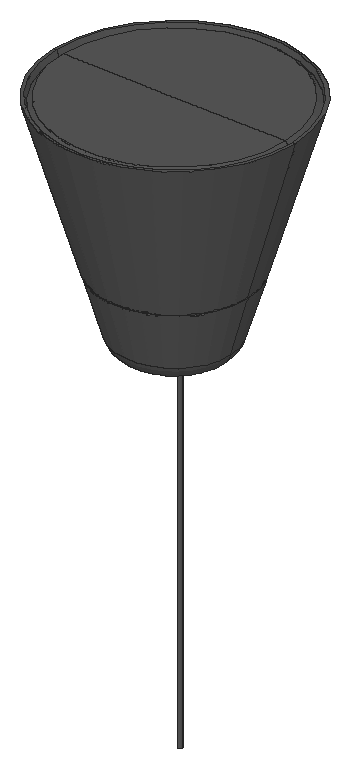
Revit family "Electronics_Desono_Biamp_Two-Way-Pendant-Mount-Loudspeaker_P60DT", category Communication Devices, host Face, Revit 2020
Family settings
  Host = Face
  Maintain Annotation Orientation = No
  Round Connector Dimension = Use Diameter
  Part Type = Normal
  OmniClass Number = 23.85.10.11.14.14.14
  OmniClass Title = Loudspeakers
  Cut with Voids When Loaded = No
  Shared = No
  Room Calculation Point = No
Parameters (values of type "P60DT B")
  Weight = 8.59803 lbf  # constant formula
  URL = "https://www.biamp.com/"
  Transformer = "70V: 60W, 30W, 15W, 7.5W, 3.75W;100V: 60W, 30W, 15W, 7.5W"  # constant formula
  Transducers = "LF 1 x 6.5 (165 mm) coated paper cone HF 1 x 1 (25 mm) soft dome"  # constant formula
  Safety Cable On [instance] = no
  Recommended Amplifers = "60W - 120W @ 16Ω (31V - 44V)"  # constant formula
  Recommended Accessories = "75 Hz, 12dB/Oct High Pass"  # constant formula
  Protection = "Self-resetting loudspeaker protection"  # constant formula
  Product data url = "https://www.bimobject.com/biamp/product/p60dt_desono-pendant"
  Product Page URL = "https://www.biamp.com/products/product-families/desono/pendant-loudspeakers#p60dt"
  Product Documentation Link = "https://downloads.biamp.com/assets/docs/default-source/data-sheets/biamp_data_sheet_desono_p60dt_sep21.pdf"
  Pendant Length [instance] = 1' - 3 191/256"
  Operating Range (-10dB) = "75 Hz to 22 kHz"  # constant formula
  Operating Mode = "Passive"  # constant formula
  Operating Environment = "Indoor"  # constant formula
  Nominal Sensitivity @ 1m = "1W-89dB; 2.83V 86dB)"  # constant formula
  Nominal Maximum SPL @ 1m = "Peak-113dB; Continuous-107dB)"  # constant formula
  Nominal Beamwidth  (H x V) = "120°, conical"  # constant formula
  Nom Pendant Length [instance] = if(or(Pendant Length < 0' 1", Pendant Length = 0' 1"), 0' 1", if(and(Pendant Length > 0' 1", Pendant Length < 16' 4"), Pendant Length, if(or(Pendant Length > 16' 4", Pendant Length = 16' 4"), 16' 4", 0' 0")))  # 1' - 3 191/256"
  Mounting Provisions = "Two 5m (16.4 ft) wire suspension cables (one as primary support, one as a safety cable), of high tensile galvanized steel wire rope with integrated spring clips for attaching the cable to the bracket and Gripple cable fasteners."  # constant formula
  Model = "P60DT B"
  Min Pendant Length [instance] = 0' - 1"  # constant formula
  Max Pendant Length [instance] = 16' - 4"  # constant formula
  Manufacturer = "Biamp"  # constant formula
  Input Connection = "4-way Euroblock connector with permanent pass-through"  # constant formula
  Housing Material = Biamp - Plastic - Black
  Height = 0' - 10.3937"  # constant formula
  Grill Material = Biamp - Plastic - Black(Grid)
  Diameter = 0' - 10.86614"  # constant formula
  Description = "Desono™ P60DT Two-Way 6.5-Inch Pendant Mount Loudspeaker"  # constant formula
  Default Elevation = 4' - 0"
  Controls = "Power tap / low impedance selector switch"  # constant formula
  Continuous Power Handling Nominal Impedance = "31V; 60W @ 16Ω (240W peak)"  # constant formula
  Connector Description = "Euroblock; Low Impedance 8 ohms, 70/100V operation"  # constant formula
  Compliance = "ETL listed to comply with UL Std 1480A,Certifed to CSA C22.2#62368-1Suspension system and Gripple cable fasteners listed per UL1598 and UL2239, TUV and CSA Class 3426-01 and Class 3426-81."  # constant formula
  Bracket Material = Biamp - Metal - Black
Types (2): name | Pendant Length | Nom Pendant Length | Model | Housing Material | Grill Material | Bracket Material
  P60DT W | 1' - 3.74803" | 1' - 3.74803" | "P60DT W" | Biamp - Plastic - White | Biamp - Plastic - White(Grid) | Biamp - Metal - White
  P60DT B | 1' - 3 191/256" | 1' - 3 191/256" | "P60DT B" | Biamp - Plastic - Black | Biamp - Plastic - Black(Grid) | Biamp - Metal - Black
Reference planes (in)
  plane 1 "Center (Front/Back)": y = 0
  plane 2: z = 0
  plane 3 "Center (Left/Right)": x = 0
Forms (in)
  Extrusion 1, solid, material "Biamp - Metal - Black" <- "Bracket Material", visible <- "Safety Cable On"
    sketch origin (-0.24606, 0, 0) x (1, 0, 0) y (0, 1, 0)
      loop
        circle (0, 0) r 0.09843
    from 0 to 15.74609
  Extrusion 2, solid, material "Biamp - Metal - Black" <- "Bracket Material"
    sketch origin (0.24606, 0, 0) x (-1, 0, 0) y (0, -1, 0)
      loop
        circle (0, 0) r 0.09843
    from 0 to 15.74609
  Revolve 3, solid, material "Biamp - Plastic - Black" <- "Housing Material", detail levels coarse
    sketch origin (-3.83416, 0, 15.74609) x (1, 0, 0) y (0, 0, 1)
      loop
        line (3.83416, 0.03006) -> (3.83416, 10.39174) -> (-1.59891, 10.39174) -> (1.32509, 0.82777)
        arc (1.32509, 0.82777) -> (1.57096, 0.42744) -> (1.98054, 0.1973) r 0.93463
        arc (1.98054, 0.1973) -> (2.90032, 0.0357) -> (3.83416, 0.03006) r 5.56923
      axis (3.83416, 0.03006) -> (3.83416, 10.39174)
    angle from 0 to 360
  Revolve 4, solid, material "Biamp - Plastic - Black(Grid)" <- "Grill Material", detail levels medium+fine
    sketch origin (-3.83416, 0, 15.74609) x (1, 0, 0) y (0, 0, 1)
      loop
        line (-1.40112, 10.14339) -> (3.83416, 10.14339) -> (3.83416, 10.33651) -> (-1.17097, 10.33651) -> (-1.40112, 10.14339)
      axis (3.83416, 10.14339) -> (3.83416, 10.33651)
    angle from 0 to 360
  Sweep 5, void
    path origin (-3.83416, 0, 15.74609) x (1, 0, 0) y (0, 0, 1)
      loop
        line (3.83416, -0.14171) -> (3.83416, 0.0323)
    profile origin (0, 0, 15.69139) x (-1, 0, 0) y (0, -1, 0)
      loop
        circle (0, 0) r 0.11811
  Revolve 6, void
    sketch origin (-3.83416, 0, 15.74609) x (1, 0, 0) y (0, 0, 1)
      loop
        circle (0.54352, 3.38759) r 0.01969
      axis (3.83416, 3.38759) -> (3.83416, 3.34822)
    angle from 0 to 360
  Revolve 7, solid, material "Biamp - Plastic - Black" <- "Housing Material", detail levels medium+fine
    sketch origin (-3.83416, 0, 15.74609) x (1, 0, 0) y (0, 0, 1)
      loop
        line (3.83416, 0.03006) -> (3.83416, 10.14339) -> (-1.40487, 10.14339) -> (-1.4808, 10.39174) -> (-1.59891, 10.39174) -> (1.32509, 0.82777)
        arc (1.32509, 0.82777) -> (1.57096, 0.42744) -> (1.98054, 0.1973) r 0.93463
        arc (1.98054, 0.1973) -> (2.90032, 0.0357) -> (3.83416, 0.03006) r 5.56923
      axis (3.83416, 0.03006) -> (3.83416, 10.39174)
    angle from 0 to 360
Cuts and joins
  Sweep 5 cuts Revolve 3
  Sweep 5, Revolve 6 cuts Revolve 7
Lines and regions (in)
  Masking region 1
    outline origin (0, 0, 0) x (1, 0, 0) y (0, 1, 0)
      loop
        circle (0, 0) r 5.43307
  Masking region 2
    outline origin (-3.83416, 0, 15.74609) x (1, 0, 0) y (0, 0, 1)
      loop
        line (-1.55693, 10.39174) -> (1.39394, 0.73988)
        arc (1.39394, 0.73988) -> (1.56004, 0.46274) -> (1.83643, 0.29541) r 0.67078
        arc (1.83643, 0.29541) -> (3.83416, -0.00771) -> (5.83189, 0.29541) r 6.73474
        arc (5.83189, 0.29541) -> (6.10828, 0.46274) -> (6.27438, 0.73988) r 0.67078
        line (6.27438, 0.73988) -> (9.22525, 10.39174) -> (-1.55693, 10.39174)
  Masking region 3
    outline origin (-3.83416, 0, 15.74609) x (1, 0, 0) y (0, 0, 1)
      loop
        line (3.48967, 0) -> (3.48967, -15.74609) -> (3.68652, -15.74609) -> (3.68652, 0) -> (3.48967, 0)
      loop
        line (4.17865, 0) -> (3.9818, 0) -> (3.9818, -15.74609) -> (4.17865, -15.74609) -> (4.17865, 0)
  reference lines
    curve 1: line (-3.83416, 0, 15.74609) -> (3.25245, 0, 15.74609)
Dimensions and locks (in)
  "Nom Pendant Length": curve 1 to plane 2
  aligned and locked: plane 2 to host face
  aligned and locked: level to host face
  aligned and locked: Extrusion 1 to curve 1
  aligned and locked: Extrusion 2 to curve 1
  aligned and locked: curve 1 to Masking region 3 sketch curve
  aligned and locked: Masking region 3 sketch curve to curve 1
  aligned and locked: Masking region 3 sketch curve to plane 2
  aligned and locked: plane 2 to Masking region 3 sketch curve
Automatic sketch dimensions
  host sketch curve to host sketch curve = 8' - 0"  (x2)
  plane 1 "Center (Front/Back)" to Extrusion 1 sketch curve = 0' - 0"
  Extrusion 1 sketch curve to plane 3 "Center (Left/Right)" = 0' - 0.24606"
  plane 1 "Center (Front/Back)" to Extrusion 2 sketch curve = 0' - 0"
  Extrusion 2 sketch curve to plane 3 "Center (Left/Right)" = 0' - 0.24606"
  Revolve 4 sketch curve to curve 1 = 0' - 0"
  Revolve 4 sketch curve to curve 1 = 0' - 1.40112"
  Revolve 4 sketch curve to curve 1 = 0' - 3.25245"  (x2)
  Revolve 4 sketch curve to Revolve 4 sketch curve = 0' - 0.19312"
  Revolve 4 sketch curve to curve 1 = 0' - 2.3622"
  Revolve 4 sketch curve to Revolve 4 sketch curve = 0' - 0.23015"
  curve 1 to Revolve 4 sketch curve = 0' - 10.14339"
  curve 1 to Masking region 3 sketch curve = 0' - 3.48967"
  Masking region 3 sketch curve to Masking region 3 sketch curve = 0' - 0.19685"  (x2)
  Masking region 3 sketch curve to Masking region 3 sketch curve = 0' - 0.29528"
  Sweep 5 sketch curve to curve 1 = 0' - 0.0323"
  Sweep 5 sketch curve to curve 1 = 0' - 3.25245"
  curve 1 to Sweep 5 sketch curve = 0' - 0.14171"
  Sweep 5 sketch curve to profile plane = 0' - 0"
  profile plane to Sweep 5 sketch curve = 0' - 0"
  curve 1 to Revolve 6 sketch curve = 0' - 0.54352"
  curve 1 to Revolve 6 sketch curve = 0' - 3.38759"
  curve 1 to Revolve 6 sketch curve = 0' - 0.3937"
  Revolve 6 sketch curve to curve 1 = 0' - 3.25245"
  Revolve 6 sketch curve to curve 1 = 0' - 0.59055"
  Revolve 3 sketch curve to curve 1 = 0' - 0.03006"
  Revolve 3 sketch curve to curve 1 = 0' - 1.59891"
  curve 1 to Revolve 3 sketch curve = 0' - 1.32509"
  Revolve 3 sketch curve to Revolve 3 sketch curve = 0' - 0.89379"
  curve 1 to Revolve 3 sketch curve = 0' - 3.40075"
  Revolve 3 sketch curve to curve 1 = 0' - 0.82777"
  Revolve 3 sketch curve to Revolve 3 sketch curve = 0' - 0.27326"
  curve 1 to Revolve 3 sketch curve = 0' - 5.5824"
  curve 1 to Revolve 3 sketch curve = 0' - 10.39174"
  Revolve 3 sketch curve to Revolve 3 sketch curve = 0' - 1.61528"
  Revolve 3 sketch curve to Revolve 3 sketch curve = 0' - 1.26117"
  Revolve 3 sketch curve to Revolve 3 sketch curve = 0' - 0"  (x2)
  Revolve 7 sketch curve to curve 1 = 0' - 1.59891"
  curve 1 to Revolve 7 sketch curve = 0' - 1.32509"
  Revolve 7 sketch curve to Revolve 7 sketch curve = 0' - 0.89379"
  curve 1 to Revolve 7 sketch curve = 0' - 3.40075"
  Revolve 7 sketch curve to curve 1 = 0' - 3.25245"
  Revolve 7 sketch curve to curve 1 = 0' - 0.03006"
  Revolve 7 sketch curve to curve 1 = 0' - 0.82777"
  Revolve 7 sketch curve to Revolve 7 sketch curve = 0' - 0.27326"
  curve 1 to Revolve 7 sketch curve = 0' - 5.5824"
  Revolve 7 sketch curve to Revolve 7 sketch curve = 0' - 1.61528"
  Revolve 7 sketch curve to Revolve 7 sketch curve = 0' - 0"
  Revolve 7 sketch curve to Revolve 7 sketch curve = 0' - 1.26117"
  Revolve 7 sketch curve to Revolve 7 sketch curve = 0' - 0.11811"
  Revolve 7 sketch curve to Revolve 7 sketch curve = 0' - 0.07593"
  curve 1 to Revolve 7 sketch curve = 0' - 10.14339"
  Revolve 7 sketch curve to Revolve 7 sketch curve = 0' - 0.24835"
  plane 1 "Center (Front/Back)" to Masking region 1 sketch curve = 0' - 0"
  Masking region 1 sketch curve to plane 3 "Center (Left/Right)" = 0' - 0"
  Masking region 1 sketch curve to Masking region 1 sketch curve = 0' - 5.43307"
  Masking region 2 sketch curve to curve 1 = 0' - 1.55693"
  Masking region 2 sketch curve to curve 1 = 0' - 0.73988"  (x2)
  curve 1 to Masking region 2 sketch curve = 0' - 1.39394"
  Masking region 2 sketch curve to curve 1 = 0' - 1.4537"
  Masking region 2 sketch curve to Masking region 2 sketch curve = 0' - 0.19612"  (x2)
  curve 1 to Masking region 2 sketch curve = 0' - 10.39174"
  Masking region 2 sketch curve to curve 1 = 0' - 0.29541"  (x2)
  Masking region 2 sketch curve to Masking region 2 sketch curve = 0' - 0.4425"
  Masking region 2 sketch curve to Masking region 2 sketch curve = 0' - 0"  (x2)
  curve 1 to Masking region 2 sketch curve = 0' - 2.13864"
  curve 1 to plane 3 "Center (Left/Right)" = 0' - 3.83416"
  plane 3 "Center (Left/Right)" to curve 1 = 0' - 3.25245"
  radius of Extrusion 1 sketch curve = 0' - 0.09843"
  radius of Extrusion 2 sketch curve = 0' - 0.09843"
  radius of Sweep 5 sketch curve = 0' - 0.11811"
  radius of Revolve 6 sketch curve = 0' - 0.01969"
Connectors (in)
  electrical at (0, 0, 15.7784), driven by "Connector Description"
    settings: on cut or joined group of Sweep 5, Revolve 6, Revolve 7, index 1, voltage 0 V, apparent load 0 VA, apparent load phase1 0 VA, apparent load phase2 0 VA, apparent load phase3 0 VA, power factor 1, load classification "Other", number of poles 1, system type 5, power factor state 1, is connector primary yes, connector utility no, sub classification motor no, connector description "Euroblock; Low Impedance 8 ohms, 70/100V operation"
